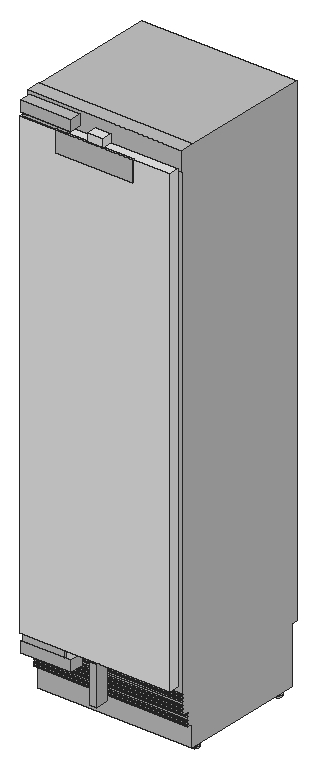
Revit family "FP_Revit_18_RS2484SLHK1_Fridge_90001060A", category Specialty Equipment, Revit 2018
Family settings
  Round Connector Dimension = Use Diameter
  Part Type = Normal
  OmniClass Number = 23.40.40.11.11
  OmniClass Title = Refrigerators and Freezers
  Work Plane-Based = No
  Always vertical = Yes
  Cut with Voids When Loaded = Yes
  Shared = No
  Room Calculation Point = No
Parameters (values of type "RS2484SLK1")
  Visibility - Water Connection = no
  Visibility - Visibility Control Note = yes
  Visibility - Clearance Required = yes
  URL = "www.fisherpaykel.com"
  Stainless Steel Door Panels (RD2484L4D) = no
  Product - Width = 603 mm  # constant formula
  Product - Height = 2134 mm  # constant formula
  Product - Depth (exl front panel) = 610 mm  # constant formula
  Model = "RS2484SLK1"
  Material - Handle = Fisher & Paykel - Aluminium
  Material - Door Structure = Fisher & Paykel - White
  Material - Door Front = Fisher & Paykel - Stainless Steel
  Material - Body = Fisher & Paykel - Grey
  Manufacturer = "Fisher & Paykel Appliances"
  Handle Style - Professional Square (AHV2-RD84) = no
  Handle Style - Professional Round (AHC-RD84) = no
  Handle Style - Contemporary Square (AHD3-RD84) = no
  Handle Style - Contemporary Round (AHS-RD84) = no
  Description = "24\" Integrated Column Refrigerator, stainless steel interior"
  Connector Description - Water = "Water Supply not required"
  Connector Description - Electrical = "120 V, 10 amp fused electrical supply"
  Cavity - Width = 610 mm  # constant formula
  Cavity - Height = 2134 mm  # constant formula
  Cavity - Depth = 635 mm  # constant formula
Types (4, lengths in mm): name | Visibility - Water Connection | Model | Description | Connector Description - Water
  (no name) | no | "RS2484SLK1" | "24\" Integrated Column Refrigerator, stainless steel interior" | "Water Supply not required"
  RS2484SLK1 | no | "RS2484SLK1" | "24\" Integrated Column Refrigerator, stainless steel interior" | "Water Supply not required"
  RS2484SLHK1 | yes | "RS2484SLHK1" | "24\" Integrated Column Refrigerator with internal water, stainless steel interior" | "1/4\" (6mm) comp. stainless steel braided hose"
  RS2484SL1 | no | "RS2484SL1" | "24\" Integrated Column Refrigerator with white interior" | "Water Supply not required"
Reference planes
  plane 1 "Datum": y = 0
  plane 2: z = 0
  plane 3 "Center (Left/Right)": x = 0
  plane 4 "Product LHS": x = -301.5
  plane 5 "Product RHS": x = 301.5
  plane 6 "Product - Depth": y = 610
  plane 7 "Cavity LHS": x = -305
  plane 8 "Cavity RHS": x = 305
  plane 9 "Cavity - Depth": y = 612.9
  plane 10 "Handle Offset": x = 238.5
  plane 11 "Product Height": z = 2134
  plane 12 "Cavity Height": z = 2134
  plane 13 "Door Panel Datum": y = -4.1
Forms (mm)
  Extrusion 1, solid, material "Fisher & Paykel - Grey" <- "Material - Body", detail levels fine
    sketch origin (0, 0, 0) x (0, 1, 0) y (0, 0, 1)
      loop
        line (100.1, 19.1) -> (587.9, 19.1) -> (587.9, 239.7) -> (610, 239.7) -> (610, 2131.9) -> (105.1, 2131.9) -> (105.1, 2134) -> (49.9, 2134) -> (49.9, 2059) -> (56, 2059) -> (56, 228.6) -> (59.5, 228.6) -> (59.5, 219.7) -> (56.5, 219.7) -> (56.5, 215.9) -> (59.5, 215.9) -> (59.5, 207) -> (56.5, 207) -> (56.5, 203.2) -> (59.5, 203.2) -> (59.5, 194.3) -> (56.5, 194.3) -> (56.5, 190.5) -> (59.5, 190.5) -> (59.5, 181.6) -> (56.5, 181.6) -> (56.5, 177.8) -> (59.5, 177.8) -> (59.5, 168.9) -> (56.5, 168.9) -> (56.5, 165.1) -> (59.5, 165.1) -> (59.5, 156.2) -> (56.5, 156.2) -> (56.5, 152.4) -> (84.1, 152.4) -> (84.1, 143.5) -> (81.1, 143.5) -> (81.1, 139.7) -> (84.1, 139.7) -> (84.1, 130.8) -> (81.1, 130.8) -> (81.1, 127) -> (84.1, 127) -> (84.1, 118.1) -> (81.1, 118.1) -> (81.1, 114.3) -> (84.1, 114.3) -> (84.1, 105.4) -> (81.1, 105.4) -> (81.1, 101.6) -> (100.1, 101.6) -> (100.1, 19.1)
    from -301.5 to 301.5
  Extrusion 2, solid, material "Fisher & Paykel - Grey" <- "Material - Body"
    sketch origin (0, 0, 0) x (1, 0, 0) y (0, 1, 0)
      loop
        circle (-281, 547.8) r 4.1
      loop
        circle (-281, 141.8) r 4.1
      loop
        circle (281, 547.8) r 4.1
      loop
        circle (281, 141.8) r 4.1
    from 3 to 19.1
  Extrusion 3, solid, material "Fisher & Paykel - Grey" <- "Material - Body"
    sketch origin (0, 0, 0) x (1, 0, 0) y (0, 1, 0)
      loop
        circle (-281, 547.8) r 14.5
      loop
        circle (-281, 141.8) r 14.555
      loop
        circle (281, 547.8) r 14.5
      loop
        circle (281, 141.8) r 14.555
    from 0 to 3
  Extrusion 4, solid, material "Fisher & Paykel - Grey" <- "Material - Body", detail levels fine
    sketch origin (0, 0, 0) x (1, 0, 0) y (0, 1, 0)
      loop
        line (-7.5, 49) -> (-13.797, -4.1) -> (13.797, -4.1) -> (7.5, 49) -> (-7.5, 49)
    from 104.2 to 254.2
  Extrusion 5, solid, material "Fisher & Paykel - Grey" <- "Material - Body", detail levels fine
    sketch origin (0, 0, 0) x (0, 1, 0) y (0, 0, 1)
      loop
        line (0, 2070.6) -> (0, 1988.6) -> (2, 1988.6) -> (2, 2068.6) -> (4, 2068.6) -> (4, 2070.6) -> (0, 2070.6)
    from -150 to 150
  Extrusion 6, solid, material "Fisher & Paykel - Grey" <- "Material - Body"
    sketch origin (0, 0, 0) x (1, 0, 0) y (0, 0, 1)
      loop
        circle (226.5, 119.813) r 5
      loop
        circle (-226.5, 119.813) r 5
    from -590 to -587.9
  Extrusion 7, solid, material "Fisher & Paykel - White" <- "Material - Door Structure"
    sketch origin (0, 0, 0) x (1, 0, 0) y (0, 1, 0)
      loop
        line (-276.5, 56) -> (-276.5, 42) -> (276.5, 42) -> (276.5, 56) -> (-276.5, 56)
    from 269.6 to 2030.7
  Extrusion 8, solid, material "Fisher & Paykel - White" <- "Material - Door Structure"
    sketch origin (0, 0, 0) x (1, 0, 0) y (0, 1, 0)
      loop
        line (-292.9, 42) -> (-292.9, 3) -> (292.9, 3) -> (292.9, 42) -> (-292.9, 42)
    from 254.2 to 2068.6
  Extrusion 9, solid, material "Fisher & Paykel - White" <- "Material - Door Structure", detail levels fine
    sketch origin (0, 0, 0) x (1, 0, 0) y (0, 0, 1)
      loop
        line (-29.5, 2100.1) -> (-29.5, 2068.6) -> (29.5, 2068.6) -> (29.5, 2100.1) -> (-29.5, 2100.1)
    from -42 to -3
  Extrusion 10, solid, material "Fisher & Paykel - Stainless Steel" <- "Material - Door Front", visible <- "Stainless Steel Door Panels (RD2484L4D)"
    sketch origin (0, 0, 0) x (0, 1, 0) y (0, 0, 1)
      loop
        line (-22.1, 2130.8) -> (-22.1, 102) -> (-4.1, 102) -> (-4.1, 2130.8) -> (-22.1, 2130.8)
    from -301.5 to 301.5
  Extrusion 11, solid, material "Fisher & Paykel - Grey" <- "Material - Body", detail levels coarse+medium
    sketch origin (0, 0, 0) x (0, 1, 0) y (0, 0, 1)
      loop
        line (49.9, 2134) -> (49.9, 2059) -> (56, 2059) -> (56, 152.4) -> (81.1, 152.4) -> (81.1, 101.6) -> (100.1, 101.6) -> (100.1, 19.1) -> (587.9, 19.1) -> (587.9, 239.7) -> (610, 239.7) -> (610, 2134) -> (49.9, 2134)
    from -301.5 to 301.5
  Extrusion 12, solid, material "Fisher & Paykel - Grey" <- "Material - Body", detail levels fine
    sketch origin (0, 0, 0) x (-1, 0, 0) y (0, 0, -1)
      loop
        line (289.9, -187.65) -> (95.42, -187.65) -> (95.42, -229.75) -> (289.9, -229.75) -> (289.9, -187.65)
    from -56 to -2.5
  Extrusion 13, solid, material "Fisher & Paykel - Grey" <- "Material - Body", detail levels fine
    sketch origin (0, 0, 0) x (-1, 0, 0) y (0, 0, -1)
      loop
        line (289.9, -2123.15) -> (289.9, -2081.05) -> (95.42, -2081.05) -> (95.42, -2123.15) -> (289.9, -2123.15)
    from -49 to -2.5
  Extrusion 14, solid, material "Fisher & Paykel - Grey" <- "Material - Body", detail levels fine
    sketch origin (0, 0, -4) x (0, 1, 0) y (0, 0, 1)
      loop
        arc (163.888, 23.1) -> (180.4, 13.63) -> (196.912, 23.1) r 19.13
        line (196.912, 23.1) -> (163.888, 23.1)
      loop
        arc (493.888, 23.1) -> (510.4, 13.63) -> (526.912, 23.1) r 19.13
        line (526.912, 23.1) -> (493.888, 23.1)
    from 191 to 219
  Extrusion 15, solid, material "Fisher & Paykel - Grey" <- "Material - Body", detail levels fine
    sketch origin (0, 0, -4) x (0, 1, 0) y (0, 0, -1)
      loop
        line (163.888, -23.1) -> (196.912, -23.1)
        arc (196.912, -23.1) -> (180.4, -13.63) -> (163.888, -23.1) r 19.13
      loop
        line (493.888, -23.1) -> (526.912, -23.1)
        arc (526.912, -23.1) -> (510.4, -13.63) -> (493.888, -23.1) r 19.13
    from 191 to 219
  Extrusion 16, solid, material "Fisher & Paykel - Clearance Required", visible <- "Visibility - Clearance Required", detail levels coarse
    sketch origin (0, 0, 0) x (1, 0, 0) y (0, 1, 0)
      loop
        line (-305, 612.9) -> (-305, -4.1) -> (305, -4.1) -> (305, 612.9) -> (-305, 612.9)
    from 0 to 2134
  Extrusion 17, void
    sketch origin (0, 0, 0) x (1, 0, 0) y (0, 1, 0)
      loop
        line (-305, 612.9) -> (-305, -22.1) -> (305, -22.1) -> (305, 612.9) -> (-305, 612.9)
    from 0 to 2134
  Extrusion 18, solid, material "Fisher & Paykel - Clearance Required", visible <- "Visibility - Clearance Required", detail levels coarse
    sketch origin (0, 0, 0) x (-1, 0, 0) y (0, -1, 0)
      loop
        line (-301.5, 22.1) -> (301.5, 22.1)
        arc (301.5, 22.1) -> (310.616, 38.605) -> (329.441, 39.678) r 19.5
        line (329.441, 39.678) -> (550.259, 513.225) -> (574.757, 501.802)
        arc (574.757, 501.802) -> (598.013, 510.267) -> (589.549, 533.523) r 17.5
        line (589.549, 533.523) -> (565.051, 544.946) -> (584.28, 586.183)
        arc (584.28, 586.183) -> (-13.376, 547.171) -> (-301.5, 22.1) r 622.5
    from 0 to 2134
  Extrusion 19, solid, material "Fisher & Paykel - Grey" <- "Material - Body", detail levels fine
    sketch origin (0, 0, 0) x (-1, 0, 0) y (0, 0, -1)
      loop
        line (118.4, -254.2) -> (282.9, -254.2) -> (282.9, -229.75) -> (118.4, -229.75) -> (118.4, -254.2)
      loop
        line (106, -2081.05) -> (242.9, -2081.05) -> (282.9, -2076.05) -> (282.9, -2068.6) -> (106, -2068.6) -> (106, -2081.05)
    from -7 to -4
Lines and regions (mm)
  model lines, style "Fisher & Paykel"
    curve 1: line (-301.5, -4.1, 2130.8) -> (301.5, -4.1, 2130.8)
    curve 2: line (-301.5, -4.1, 102) -> (-301.5, -4.1, 2130.8)
    curve 3: line (301.5, -4.1, 102) -> (-301.5, -4.1, 102)
    curve 4: line (301.5, -4.1, 2130.8) -> (301.5, -4.1, 102)
Text (mm)
  text "Due to ongoing product development, product details are subject to change without notice. \nPlease always refer to www.fisherpaykel.com for the most current product information. \n© Fisher & Paykel 2020" at (41.04, -678.295, 0), in view "Ref. Level (Plan)"
Dimensions and locks
  equal spacing: plane 4 "Product LHS", plane 3 "Center (Left/Right)", plane 5 "Product RHS"
  "Product - Width": plane 4 "Product LHS" to plane 5 "Product RHS"
  "Product - Depth (exl front panel)": plane 1 "Datum" to plane 6 "Product - Depth"
  equal spacing: plane 7 "Cavity LHS", plane 3 "Center (Left/Right)", plane 8 "Cavity RHS"
  "Cavity - Width": plane 7 "Cavity LHS" to plane 8 "Cavity RHS"
  plane 4 "Product LHS" to Extrusion 2 sketch curve = 24.6 mm
  plane 4 "Product LHS" to plane 10 "Handle Offset" = 540 mm
  Extrusion 6 sketch curve to Extrusion 1 = 119.887 mm  (x2)
  Extrusion 6 sketch curve to plane 5 "Product RHS" = 75 mm
  plane 4 "Product LHS" to Extrusion 6 sketch curve = 75 mm
  Extrusion 1 sketch curve to Extrusion 1 sketch curve = 82.5 mm
  Extrusion 1 sketch curve to Extrusion 1 sketch curve = 209.5 mm
  Extrusion 3 to level = 3 mm
  Extrusion 11 to Extrusion 8 = 235.1 mm
  Extrusion 11 to Extrusion 7 = 250.5 mm
  Extrusion 11 to Extrusion 11 = 2114.9 mm
  Extrusion 11 to Extrusion 10 = 82.9 mm
  "Product - Height": level to plane 11 "Product Height"
  plane 11 "Product Height" to Extrusion 10 = 3.2 mm
  Extrusion 8 to plane 11 "Product Height" = 65.4 mm
  Extrusion 7 to plane 11 "Product Height" = 103.3 mm
  Extrusion 11 sketch curve to plane 11 "Product Height" = 75 mm
  Extrusion 1 sketch curve to plane 11 "Product Height" = 2.1 mm
  Extrusion 1 sketch curve to plane 11 "Product Height" = 75 mm
  "Cavity - Height": plane 12 "Cavity Height" to level
  plane 1 "Datum" to Extrusion 16 = 612.9 mm
  plane 1 "Datum" to Extrusion 17 = 612.9 mm
  Extrusion 19 sketch curve to Extrusion 19 sketch curve = 40 mm
  Extrusion 19 sketch curve to Extrusion 19 sketch curve = 176.9 mm
  plane 3 "Center (Left/Right)" to Extrusion 19 sketch curve = 106 mm
  plane 3 "Center (Left/Right)" to Extrusion 19 sketch curve = 118.4 mm
  plane 1 "Datum" to Extrusion 18 = 22.1 mm
  "Cavity - Depth": plane 9 "Cavity - Depth" to Extrusion 18
  plane 10 "Handle Offset" to plane 5 "Product RHS" = 63 mm
  radius of Extrusion 6 sketch curve = 5 mm
  aligned and locked: level to plane 2
  aligned and locked: Extrusion 10 to plane 5 "Product RHS"
  aligned and locked: plane 4 "Product LHS" to Extrusion 10
  aligned and locked: Extrusion 11 to plane 5 "Product RHS"
  aligned and locked: Extrusion 11 to plane 4 "Product LHS"
  aligned and locked: Extrusion 11 sketch curve to plane 11 "Product Height"
  aligned and locked: plane 11 "Product Height" to Extrusion 1 sketch curve
  aligned and locked: Extrusion 14 sketch curve to Extrusion 14 sketch curve
  aligned and locked: Extrusion 15 sketch curve to Extrusion 15 sketch curve
  aligned and locked: Extrusion 1 to plane 5 "Product RHS"
  aligned and locked: plane 4 "Product LHS" to Extrusion 1
  aligned and locked: Extrusion 2 to Extrusion 1
  aligned and locked: nested 5 to plane 10 "Handle Offset"
  aligned and locked: nested 4 to plane 10 "Handle Offset"
  aligned and locked: nested 3 to plane 10 "Handle Offset"
  aligned and locked: nested 2 to plane 10 "Handle Offset"
Automatic sketch dimensions
  Extrusion 2 sketch curve to plane 4 "Product LHS" = 20.5 mm  (x2)
  plane 5 "Product RHS" to Extrusion 2 sketch curve = 20.5 mm  (x2)
  Extrusion 2 sketch curve to plane 1 "Datum" = 141.8 mm  (x2)
  Extrusion 2 sketch curve to plane 6 "Product - Depth" = 62.2 mm  (x2)
  Extrusion 3 sketch curve to plane 4 "Product LHS" = 20.5 mm  (x2)
  plane 5 "Product RHS" to Extrusion 3 sketch curve = 20.5 mm  (x2)
  Extrusion 3 sketch curve to plane 1 "Datum" = 141.8 mm  (x2)
  Extrusion 3 sketch curve to plane 6 "Product - Depth" = 62.2 mm  (x2)
  plane 1 "Datum" to Extrusion 4 sketch curve = 4.1 mm
  Extrusion 4 sketch curve to plane 3 "Center (Left/Right)" = 13.797 mm
  Extrusion 4 sketch curve to plane 3 "Center (Left/Right)" = 7.5 mm
  plane 3 "Center (Left/Right)" to Extrusion 4 sketch curve = 7.5 mm
  plane 3 "Center (Left/Right)" to Extrusion 4 sketch curve = 13.797 mm
  Extrusion 4 sketch curve to plane 1 "Datum" = 49 mm
  Extrusion 5 sketch curve to plane 1 "Datum" = 0 mm
  Extrusion 5 sketch curve to plane 1 "Datum" = 2 mm
  Extrusion 5 sketch curve to Extrusion 5 sketch curve = 2 mm  (x2)
  plane 11 "Product Height" to Extrusion 5 sketch curve = 145.4 mm
  plane 11 "Product Height" to Extrusion 5 sketch curve = 65.4 mm
  Extrusion 7 sketch curve to plane 4 "Product LHS" = 25 mm
  plane 5 "Product RHS" to Extrusion 7 sketch curve = 25 mm
  Extrusion 7 sketch curve to plane 1 "Datum" = 42 mm
  Extrusion 7 sketch curve to Extrusion 7 sketch curve = 14 mm
  Extrusion 8 sketch curve to plane 1 "Datum" = 3 mm
  Extrusion 8 sketch curve to plane 4 "Product LHS" = 8.6 mm
  plane 5 "Product RHS" to Extrusion 8 sketch curve = 8.6 mm
  Extrusion 8 sketch curve to Extrusion 8 sketch curve = 39 mm
  Extrusion 9 sketch curve to plane 3 "Center (Left/Right)" = 29.5 mm
  plane 3 "Center (Left/Right)" to Extrusion 9 sketch curve = 29.5 mm
  plane 11 "Product Height" to Extrusion 9 sketch curve = 65.4 mm
  Extrusion 9 sketch curve to Extrusion 9 sketch curve = 31.5 mm
  plane 1 "Datum" to Extrusion 10 sketch curve = 22.1 mm
  plane 1 "Datum" to Extrusion 10 sketch curve = 4.1 mm
  level to Extrusion 10 sketch curve = 102 mm
  plane 11 "Product Height" to Extrusion 10 sketch curve = 3.2 mm
  plane 3 "Center (Left/Right)" to Extrusion 12 sketch curve = 95.42 mm
  plane 4 "Product LHS" to Extrusion 12 sketch curve = 11.6 mm
  Extrusion 12 sketch curve to level = 187.65 mm
  Extrusion 12 sketch curve to Extrusion 12 sketch curve = 42.1 mm
  Extrusion 13 sketch curve to plane 11 "Product Height" = 10.85 mm
  plane 3 "Center (Left/Right)" to Extrusion 13 sketch curve = 95.42 mm
  plane 4 "Product LHS" to Extrusion 13 sketch curve = 11.6 mm
  Extrusion 13 sketch curve to Extrusion 13 sketch curve = 42.1 mm
  Extrusion 14 sketch curve to plane 1 "Datum" = 163.888 mm
  Extrusion 14 sketch curve to Extrusion 14 sketch curve = 16.512 mm  (x2)
  Extrusion 14 sketch curve to plane 6 "Product - Depth" = 116.112 mm
  Extrusion 14 sketch curve to Extrusion 14 sketch curve = 9.66 mm  (x2)
  Extrusion 15 sketch curve to plane 1 "Datum" = 163.888 mm
  Extrusion 15 sketch curve to Extrusion 15 sketch curve = 16.512 mm  (x2)
  Extrusion 15 sketch curve to plane 6 "Product - Depth" = 116.112 mm
  Extrusion 15 sketch curve to Extrusion 15 sketch curve = 9.66 mm  (x2)
  Extrusion 16 sketch curve to plane 7 "Cavity LHS" = 0 mm
  Extrusion 16 sketch curve to plane 8 "Cavity RHS" = 0 mm
  Extrusion 16 sketch curve to plane 9 "Cavity - Depth" = 0 mm
  plane 1 "Datum" to Extrusion 16 sketch curve = 4.1 mm
  Extrusion 17 sketch curve to plane 7 "Cavity LHS" = 0 mm
  Extrusion 17 sketch curve to plane 8 "Cavity RHS" = 0 mm
  plane 9 "Cavity - Depth" to Extrusion 17 sketch curve = 0 mm
  plane 1 "Datum" to Extrusion 17 sketch curve = 22.1 mm
  Extrusion 18 sketch curve to Extrusion 18 sketch curve = 0 mm  (x2)
  Extrusion 18 sketch curve to plane 5 "Product RHS" = 0 mm
  Extrusion 18 sketch curve to plane 4 "Product LHS" = 0 mm
  Extrusion 18 sketch curve to plane 7 "Cavity LHS" = 16 mm
  Extrusion 18 sketch curve to Extrusion 18 sketch curve = 8.441 mm
  Extrusion 18 sketch curve to plane 7 "Cavity LHS" = 245.259 mm
  Extrusion 18 sketch curve to Extrusion 18 sketch curve = 14.792 mm
  Extrusion 18 sketch curve to Extrusion 18 sketch curve = 24.498 mm
  Extrusion 18 sketch curve to Extrusion 18 sketch curve = 7.396 mm  (x2)
  Extrusion 18 sketch curve to Extrusion 18 sketch curve = 19.229 mm
  Extrusion 18 sketch curve to plane 1 "Datum" = 586.183 mm
  Extrusion 18 sketch curve to Extrusion 18 sketch curve = 41.237 mm
  Extrusion 18 sketch curve to Extrusion 18 sketch curve = 15.86 mm
  Extrusion 19 sketch curve to plane 11 "Product Height" = 52.95 mm
  plane 4 "Product LHS" to Extrusion 19 sketch curve = 18.6 mm
  Extrusion 19 sketch curve to Extrusion 19 sketch curve = 5 mm
  Extrusion 19 sketch curve to Extrusion 19 sketch curve = 12.45 mm
  Extrusion 19 sketch curve to level = 254.2 mm
  Extrusion 19 sketch curve to Extrusion 19 sketch curve = 24.45 mm
  Extrusion 11 sketch curve to plane 6 "Product - Depth" = 0 mm
  Extrusion 11 sketch curve to plane 6 "Product - Depth" = 22.1 mm
  Extrusion 11 sketch curve to plane 1 "Datum" = 100.1 mm
  Extrusion 11 sketch curve to Extrusion 11 sketch curve = 19 mm
  Extrusion 11 sketch curve to plane 1 "Datum" = 56 mm
  Extrusion 11 sketch curve to plane 1 "Datum" = 49.9 mm
  level to Extrusion 11 sketch curve = 152.4 mm
  Extrusion 11 sketch curve to Extrusion 11 sketch curve = 50.8 mm
  level to Extrusion 11 sketch curve = 19.1 mm
  Extrusion 11 sketch curve to Extrusion 11 sketch curve = 220.6 mm
  level to Extrusion 14 sketch curve = 19.1 mm
  level to Extrusion 15 sketch curve = 28.76 mm
  Extrusion 1 sketch curve to plane 6 "Product - Depth" = 0 mm
  Extrusion 1 sketch curve to Extrusion 1 sketch curve = 22.1 mm
  Extrusion 1 sketch curve to plane 1 "Datum" = 105.1 mm
  level to Extrusion 1 sketch curve = 19.1 mm
  Extrusion 1 sketch curve to plane 1 "Datum" = 100.1 mm
  Extrusion 1 sketch curve to Extrusion 1 sketch curve = 16 mm
  Extrusion 1 sketch curve to Extrusion 1 sketch curve = 0 mm  (x8)
  Extrusion 1 sketch curve to Extrusion 1 sketch curve = 3 mm  (x10)
  Extrusion 1 sketch curve to plane 1 "Datum" = 59.5 mm
  Extrusion 1 sketch curve to plane 1 "Datum" = 56 mm
  Extrusion 1 sketch curve to plane 1 "Datum" = 49.9 mm
  Extrusion 1 sketch curve to Extrusion 1 sketch curve = 3.8 mm  (x10)
  Extrusion 1 sketch curve to Extrusion 1 sketch curve = 8.9 mm  (x9)
  Extrusion 1 sketch curve to Extrusion 1 sketch curve = 220.6 mm
  plane 5 "Product RHS" to curve 1 = 0 mm
  plane 4 "Product LHS" to curve 3 = 0 mm
  level to curve 3 = 102 mm
  plane 11 "Product Height" to curve 2 = 3.2 mm
  radius of Extrusion 2 sketch curve = 4.1 mm  (x3)
  radius of Extrusion 3 sketch curve = 14.5 mm  (x2)
  radius of Extrusion 3 sketch curve = 14.555 mm  (x2)
  radius of Extrusion 6 sketch curve = 5 mm
Nested families
  nested 1: "Visibility Control Note 18" at (0, 0, 0), visible <- "Visibility - Visibility Control Note", type "Visibility Control Note 18"
  nested 2: "Handle Contemporary Round - Vertical" at (238.5, -22.1, 1242.58), visible <- "Handle Style - Contemporary Round (AHS-RD84)", type "AHS-RD84 - Contemporary round handle (Vertical) 852mm"
  nested 3: "Handle Contemporary Square - Vertical" at (238.5, -22.1, 1242.58), visible <- "Handle Style - Contemporary Square (AHD3-RD84)", type "AHD3-RD84 - Contemporary square handle (Vertical) 852mm"
  nested 4: "Handle Professional Round - Vertical" at (238.5, -22.1, 1242.58), visible <- "Handle Style - Professional Round (AHC-RD84)", type "AHC-RD84 - Professional round handle (Vertical) 786mm"
  nested 5: "Handle Professional Square - Vertical" at (238.5, -22.1, 1242.58), visible <- "Handle Style - Professional Square (AHV2-RD84)", type "AHV2-RD84 - Professional square handle (Vertical) 792mm"
Connectors
  electrical at (-226.5, 590, 119.813), driven by "Connector Description - Electrical"
    settings: on Extrusion 6, index 1, voltage 120 V, apparent load 0 VA, apparent load phase1 0 VA, apparent load phase2 0 VA, apparent load phase3 0 VA, power factor 1, load classification "Other", number of poles 1, system type 30, power factor state 1, is connector primary yes, connector utility no, sub classification motor no, connector description "120 V, 10 amp fused electrical supply"
  piping at (226.5, 590, 119.813), diameter 12.7, driven by "Visibility - Water Connection", driven by "Connector Description - Water"
    settings: on Extrusion 6, index 2, connector inside diameter 609.6 mm, connector length 0 mm, flow factor 0, pipe flow 0.0 L/s, pressure drop 0.0 Pa, fitting loss kfactor 0, connector angle 0.00°, fixture units 0, engagement length 0 mm, angle of deflection 0.00°, flow configuration 0, flow direction 1, fitting loss method 0, system type 20, joint type 0, gender type 0, connector reference index -1, connector utility 0, adjustable connector no, is connector primary yes, connector description "Water Supply not required"
Definition of nested family "Handle Contemporary Round - Vertical"
  Parameters (values of type "AHSRS80A - Contemporary round handle (1 of 2) (Vertical) 727mm")
    URL = "www.fisherpaykel.com"
    Material - Handle = none
    Manufacturer = "Fisher & Paykel Appliances"
    Handle - Length = 727 mm
  Types (6, lengths in mm): name | Handle - Length
    AHS-RD21 - Contemporary round handle (Vertical) 852mm | 852
    AHSRD2484W - Contemporary round handle (1 of 2) (Vertical) 727mm | 727
    AHSRD3084W - Contemporary round handle (1 of 2) (Vertical) 727mm | 727
    AHS-RD84 - Contemporary round handle (Vertical) 852mm | 852
    AHSRS3272A - Contemporary round handle (1 of 2) (Vertical) 727mm | 727
    AHSRS80A - Contemporary round handle (1 of 2) (Vertical) 727mm | 727
  Reference planes
    plane 1 "Center (Front/Back)": y = 0
    plane 2: z = 0
    plane 3 "Center (Left/Right)": x = 0
    plane 4 "Top": z = 363.5
    plane 5 "Bottom": z = -363.5
    plane 6 "Top Standoff": z = 243.5
    plane 7 "Bottom Standoff": z = -243.5
  Forms (mm)
    Extrusion 1, solid, material <- "Material - Handle"
      sketch origin (0, 0, 0) x (1, 0, 0) y (0, 1, 0)
        loop
          circle (0, -32.3) r 8.7
      from -243.5 to 243.5
    Extrusion 2, solid, material <- "Material - Handle", detail levels fine
      sketch origin (0, 0, 0) x (1, 0, 0) y (0, 1, 0)
        loop
          line (-8.7, 0) -> (-8.7, -32.3)
          arc (-8.7, -32.3) -> (0, -41) -> (8.7, -32.3) r 8.7
          line (8.7, -32.3) -> (8.7, 0) -> (-8.7, 0)
      from 243.5 to 363.5
    Extrusion 3, solid, material <- "Material - Handle", detail levels fine
      sketch origin (0, 0, 0) x (1, 0, 0) y (0, 1, 0)
        loop
          line (-8.7, 0) -> (-8.7, -32.3)
          arc (-8.7, -32.3) -> (0, -41) -> (8.7, -32.3) r 8.7
          line (8.7, -32.3) -> (8.7, 0) -> (-8.7, 0)
      from -363.5 to -243.5
    Sweep 4, void
      path in 3D
        loop
          line (8.7, 0, -363.5) -> (8.7, -32.3, -363.5)
          arc (8.7, -32.3, -363.5) -> (0, -41, -363.5) -> (-8.7, -32.3, -363.5) r 8.7
          line (-8.7, -32.3, -363.5) -> (-8.7, 0, -363.5)
      profile origin (8.7, -16.15, -363.5) x (-1, 0, 0) y (0, 0, -1)
        loop
          line (0, 0) -> (0, -1) -> (1, 0) -> (0, 0)
    Sweep 5, void
      path in 3D
        loop
          line (-8.7, 0, 363.5) -> (-8.7, -32.3, 363.5)
          arc (-8.7, -32.3, 363.5) -> (0, -41, 363.5) -> (8.7, -32.3, 363.5) r 8.7
          line (8.7, -32.3, 363.5) -> (8.7, 0, 363.5)
      profile origin (8.7, -16.15, 363.5) x (-1, 0, 0) y (0, 0, 1)
        loop
          line (0, 0) -> (0, -1) -> (1, 0) -> (0, 0)
    Extrusion 6, solid, material <- "Material - Handle", detail levels coarse+medium
      sketch origin (0, 0, 0) x (1, 0, 0) y (0, 1, 0)
        loop
          line (-8.7, 0) -> (-8.7, -32.3)
          arc (-8.7, -32.3) -> (0, -41) -> (8.7, -32.3) r 8.7
          line (8.7, -32.3) -> (8.7, 0) -> (-8.7, 0)
      from 243.5 to 363.5
    Extrusion 7, solid, material <- "Material - Handle", detail levels coarse+medium
      sketch origin (0, 0, 0) x (1, 0, 0) y (0, 1, 0)
        loop
          line (-8.7, 0) -> (-8.7, -32.3)
          arc (-8.7, -32.3) -> (0, -41) -> (8.7, -32.3) r 8.7
          line (8.7, -32.3) -> (8.7, 0) -> (-8.7, 0)
      from -363.5 to -243.5
  Cuts and joins
    Sweep 4 cuts Extrusion 3
    Sweep 5 cuts Extrusion 2
  Lines and regions (mm)
    sketch lines
      curve 1: line (8.7, 0, -363.5) -> (8.7, -32.3, -363.5)
      curve 2: arc (-8.7, -32.3, -363.5) -> (0, -41, -363.5) -> (8.7, -32.3, -363.5) r 8.7
      curve 3: line (-8.7, -32.3, -363.5) -> (-8.7, 0, -363.5)
      curve 4: line (8.7, -32.3, 363.5) -> (8.7, 0, 363.5)
      curve 5: arc (8.7, -32.3, 363.5) -> (0, -41, 363.5) -> (-8.7, -32.3, 363.5) r 8.7
      curve 6: line (-8.7, 0, 363.5) -> (-8.7, -32.3, 363.5)
  Dimensions and locks
    equal spacing: plane 4 "Top", level, plane 5 "Bottom"
    "Handle - Length": plane 4 "Top" to plane 5 "Bottom"
    locked: plane 4 "Top" to plane 6 "Top Standoff" at 120
    locked: plane 7 "Bottom Standoff" to plane 5 "Bottom" at 120
    Extrusion 2 sketch curve to Extrusion 2 sketch curve = 17.4 mm
    Extrusion 3 sketch curve to Extrusion 3 sketch curve = 17.4 mm
    Extrusion 6 sketch curve to Extrusion 6 sketch curve = 17.4 mm
    Extrusion 7 sketch curve to Extrusion 7 sketch curve = 17.4 mm
    aligned and locked: level to plane 2
    aligned and locked: plane 4 "Top" to Extrusion 2
    aligned and locked: Extrusion 3 to plane 5 "Bottom"
    aligned and locked: plane 7 "Bottom Standoff" to Extrusion 3
    aligned and locked: Extrusion 1 to plane 7 "Bottom Standoff"
    aligned and locked: plane 6 "Top Standoff" to Extrusion 1
    aligned and locked: Extrusion 2 to Extrusion 1
    aligned and locked: Extrusion 6 to Extrusion 1
    aligned and locked: plane 4 "Top" to Extrusion 6
    aligned and locked: Extrusion 7 to Extrusion 1
    aligned and locked: Extrusion 7 to plane 5 "Bottom"
  Automatic sketch dimensions
    Extrusion 1 sketch curve to plane 3 "Center (Left/Right)" = 0 mm
    plane 1 "Center (Front/Back)" to Extrusion 1 sketch curve = 32.3 mm
    plane 1 "Center (Front/Back)" to Extrusion 2 sketch curve = 0 mm
    Extrusion 2 sketch curve to plane 3 "Center (Left/Right)" = 0 mm
    Extrusion 2 sketch curve to plane 3 "Center (Left/Right)" = 8.7 mm
    plane 1 "Center (Front/Back)" to Extrusion 2 sketch curve = 32.3 mm
    plane 1 "Center (Front/Back)" to Extrusion 3 sketch curve = 0 mm
    Extrusion 3 sketch curve to plane 3 "Center (Left/Right)" = 0 mm
    Extrusion 3 sketch curve to plane 3 "Center (Left/Right)" = 8.7 mm
    plane 1 "Center (Front/Back)" to Extrusion 3 sketch curve = 32.3 mm
    Sweep 4 sketch curve to profile plane = 0 mm  (x2)
    Sweep 4 sketch curve to profile plane = 1 mm  (x2)
    Sweep 5 sketch curve to profile plane = 0 mm  (x2)
    Sweep 5 sketch curve to profile plane = 1 mm  (x2)
    Extrusion 6 sketch curve to plane 3 "Center (Left/Right)" = 0 mm
    Extrusion 6 sketch curve to plane 3 "Center (Left/Right)" = 8.7 mm
    plane 1 "Center (Front/Back)" to Extrusion 6 sketch curve = 32.3 mm
    Extrusion 6 sketch curve to Extrusion 6 sketch curve = 32.3 mm
    Extrusion 7 sketch curve to plane 3 "Center (Left/Right)" = 0 mm
    Extrusion 7 sketch curve to plane 3 "Center (Left/Right)" = 8.7 mm
    plane 1 "Center (Front/Back)" to Extrusion 7 sketch curve = 32.3 mm
    Extrusion 7 sketch curve to Extrusion 7 sketch curve = 32.3 mm
    radius of Extrusion 1 sketch curve = 8.7 mm
Definition of nested family "Handle Contemporary Square - Vertical"
  Parameters (values of type "AHD3RS80A - Contemporary square handle (1 of 2) (Vertical) 727mm")
    URL = "www.fisherpaykel.com"
    Material - Handle = none
    Manufacturer = "Fisher & Paykel Appliances"
    Handle - Length = 727 mm
  Types (7, lengths in mm): name | Handle - Length
    (no name) | 727
    AHD3-RD21 - Contemporary square handle (Vertical) 852mm | 852
    AHD3RD2484W - Contemporary square handle (1 of 2) (Vertical) 727mm | 727
    AHD3RD3084W - Contemporary square handle (1 of 2) (Vertical) 727mm | 727
    AHD3-RD84 - Contemporary square handle (Vertical) 852mm | 852
    AHD3RS3272A - Contemporary square handle (1 of 2) (Vertical) 727mm | 727
    AHD3RS80A - Contemporary square handle (1 of 2) (Vertical) 727mm | 727
  Reference planes
    plane 1 "Center (Front/Back)": y = 0
    plane 2: z = 0
    plane 3 "Center (Left/Right)": x = 0
    plane 4 "Top": z = 363.5
    plane 5 "Bottom": z = -363.5
    plane 6 "Top Standoff": z = 243.5
    plane 7 "Bottom Standoff": z = -243.5
  Forms (mm)
    Extrusion 1, solid, material <- "Material - Handle", detail levels fine
      sketch origin (0, 0, 0) x (1, 0, 0) y (0, 1, 0)
        loop
          arc (-7.583, -28.701) -> (-7.89, -29.057) -> (-8, -29.514) r 1
          line (-8, -29.514) -> (-8, -40.5)
          arc (-8, -40.5) -> (-7.561, -41.561) -> (-6.5, -42) r 1.5
          line (-6.5, -42) -> (6.5, -42)
          arc (6.5, -42) -> (7.561, -41.561) -> (8, -40.5) r 1.5
          line (8, -40.5) -> (8, -29.487)
          arc (8, -29.487) -> (7.889, -29.029) -> (7.58, -28.673) r 1
          arc (7.58, -28.673) -> (-0.006, -26.256) -> (-7.583, -28.701) r 13.038
      from -363.5 to 363.5
    Extrusion 2, solid, material <- "Material - Handle", detail levels fine
      sketch origin (0, 0, 0) x (1, 0, 0) y (0, 1, 0)
        loop
          arc (7.058, -28.23) -> (7.466, -28.244) -> (7.674, -27.893) r 0.4
          line (7.674, -27.893) -> (7.674, 0) -> (-7.674, 0) -> (-7.674, -27.86)
          arc (-7.674, -27.86) -> (-7.467, -28.21) -> (-7.06, -28.198) r 0.4
          arc (-7.06, -28.198) -> (0.004, -26.156) -> (7.058, -28.23) r 13.136
      from 243.5 to 363.5
    Extrusion 3, solid, material <- "Material - Handle", detail levels fine
      sketch origin (0, 0, 0) x (1, 0, 0) y (0, 1, 0)
        loop
          arc (7.058, -28.23) -> (7.466, -28.244) -> (7.674, -27.893) r 0.4
          line (7.674, -27.893) -> (7.674, 0) -> (-7.674, 0) -> (-7.674, -27.86)
          arc (-7.674, -27.86) -> (-7.467, -28.21) -> (-7.06, -28.198) r 0.4
          arc (-7.06, -28.198) -> (0.004, -26.156) -> (7.058, -28.23) r 13.136
      from -363.5 to -243.5
    Sweep 4, void
      path in 3D
        loop
          line (-8, -29.514, 363.5) -> (-8, -40.5, 363.5)
          arc (-8, -40.5, 363.5) -> (-7.561, -41.561, 363.5) -> (-6.5, -42, 363.5) r 1.5
          line (-6.5, -42, 363.5) -> (6.5, -42, 363.5)
          arc (6.5, -42, 363.5) -> (7.561, -41.561, 363.5) -> (8, -40.5, 363.5) r 1.5
          line (8, -40.5, 363.5) -> (8, -29.487, 363.5)
      profile origin (8, -34.994, 363.5) x (-1, 0, 0) y (0, 0, 1)
        loop
          line (0, 0) -> (0, -1.3) -> (1.3, 0) -> (0, 0)
    Sweep 5, void
      path in 3D
        loop
          line (8, -29.487, -363.5) -> (8, -40.5, -363.5)
          arc (8, -40.5, -363.5) -> (7.561, -41.561, -363.5) -> (6.5, -42, -363.5) r 1.5
          line (6.5, -42, -363.5) -> (-6.5, -42, -363.5)
          arc (-6.5, -42, -363.5) -> (-7.561, -41.561, -363.5) -> (-8, -40.5, -363.5) r 1.5
          line (-8, -40.5, -363.5) -> (-8, -29.514, -363.5)
      profile origin (8, -34.994, -363.5) x (-1, 0, 0) y (0, 0, -1)
        loop
          line (0, 0) -> (0, -1.3) -> (1.3, 0) -> (0, 0)
    Extrusion 6, void
      sketch origin (0, 0, 0) x (1, 0, 0) y (0, 0, 1)
        loop
          line (-8, -362.2) -> (-8, -363.5) -> (-6.7, -363.5) -> (-8, -362.2)
        loop
          line (8, -362.2) -> (6.7, -363.5) -> (8, -363.5) -> (8, -362.2)
      from 0 to 40
    Extrusion 7, void
      sketch origin (0, 0, 0) x (1, 0, 0) y (0, 0, 1)
        loop
          line (-8, 363.5) -> (-8, 362.2) -> (-6.7, 363.5) -> (-8, 363.5)
        loop
          line (8, 363.5) -> (6.7, 363.5) -> (8, 362.2) -> (8, 363.5)
      from 0 to 40
    Extrusion 8, solid, material <- "Material - Handle", detail levels coarse+medium
      sketch origin (0, 0, 0) x (0, 1, 0) y (0, 0, 1)
        loop
          line (0, 363.5) -> (-42, 363.5) -> (-42, -363.5) -> (0, -363.5) -> (0, -243.5) -> (-26.245, -243.5) -> (-26.245, 243.5) -> (0, 243.5) -> (0, 363.5)
      from -8 to 8
  Cuts and joins
    Sweep 4, Sweep 5, Extrusion 6, Extrusion 7 cuts Extrusion 1
    Extrusion 6 cuts Extrusion 3
    Extrusion 7 cuts Extrusion 2
  Lines and regions (mm)
    sketch lines
      curve 1: line (8, -40.5, 363.5) -> (8, -29.487, 363.5)
      curve 2: arc (8, -40.5, 363.5) -> (7.561, -41.561, 363.5) -> (6.5, -42, 363.5) r 1.5
      curve 3: line (-6.5, -42, 363.5) -> (6.5, -42, 363.5)
      curve 4: arc (-6.5, -42, 363.5) -> (-7.561, -41.561, 363.5) -> (-8, -40.5, 363.5) r 1.5
      curve 5: line (-8, -29.514, 363.5) -> (-8, -40.5, 363.5)
      curve 6: line (8, -29.487, -363.5) -> (8, -40.5, -363.5)
      curve 7: arc (6.5, -42, -363.5) -> (7.561, -41.561, -363.5) -> (8, -40.5, -363.5) r 1.5
      curve 8: line (6.5, -42, -363.5) -> (-6.5, -42, -363.5)
      curve 9: arc (-8, -40.5, -363.5) -> (-7.561, -41.561, -363.5) -> (-6.5, -42, -363.5) r 1.5
      curve 10: line (-8, -40.5, -363.5) -> (-8, -29.514, -363.5)
  Dimensions and locks
    equal spacing: plane 4 "Top", level, plane 5 "Bottom"
    "Handle - Length": plane 4 "Top" to plane 5 "Bottom"
    locked: plane 4 "Top" to plane 6 "Top Standoff" at 120
    locked: plane 7 "Bottom Standoff" to plane 5 "Bottom" at 120
    aligned and locked: level to plane 2
    aligned and locked: plane 4 "Top" to Extrusion 2
    aligned and locked: Extrusion 2 to plane 6 "Top Standoff"
    aligned and locked: plane 4 "Top" to Extrusion 1
    aligned and locked: Extrusion 1 to plane 5 "Bottom"
    aligned and locked: Extrusion 3 to plane 5 "Bottom"
    aligned and locked: plane 7 "Bottom Standoff" to Extrusion 3
    aligned and locked: plane 4 "Top" to Extrusion 8 sketch curve
    aligned and locked: plane 6 "Top Standoff" to Extrusion 8 sketch curve
    aligned and locked: plane 7 "Bottom Standoff" to Extrusion 8 sketch curve
    aligned and locked: plane 5 "Bottom" to Extrusion 8 sketch curve
    aligned and locked: plane 1 "Center (Front/Back)" to Extrusion 8 sketch curve  (x2)
  Automatic sketch dimensions
    Extrusion 1 sketch curve to plane 3 "Center (Left/Right)" = 8 mm
    Extrusion 1 sketch curve to Extrusion 1 sketch curve = 1 mm  (x2)
    Extrusion 1 sketch curve to Extrusion 1 sketch curve = 1.5 mm
    plane 3 "Center (Left/Right)" to Extrusion 1 sketch curve = 0.018 mm
    plane 3 "Center (Left/Right)" to Extrusion 1 sketch curve = 6.5 mm
    plane 3 "Center (Left/Right)" to Extrusion 1 sketch curve = 7 mm
    plane 1 "Center (Front/Back)" to Extrusion 1 sketch curve = 42 mm
    Extrusion 1 sketch curve to Extrusion 1 sketch curve = 1.206 mm
    Extrusion 1 sketch curve to Extrusion 1 sketch curve = 10.986 mm
    Extrusion 1 sketch curve to Extrusion 1 sketch curve = 11.013 mm
    Extrusion 1 sketch curve to Extrusion 1 sketch curve = 0 mm
    plane 1 "Center (Front/Back)" to Extrusion 2 sketch curve = 0 mm
    Extrusion 2 sketch curve to plane 3 "Center (Left/Right)" = 7.674 mm
    Extrusion 2 sketch curve to Extrusion 2 sketch curve = 0.4 mm  (x2)
    Extrusion 2 sketch curve to plane 3 "Center (Left/Right)" = 0.026 mm
    plane 3 "Center (Left/Right)" to Extrusion 2 sketch curve = 7.274 mm
    plane 1 "Center (Front/Back)" to Extrusion 2 sketch curve = 27.86 mm
    Extrusion 2 sketch curve to Extrusion 2 sketch curve = 0.033 mm
    Extrusion 2 sketch curve to Extrusion 2 sketch curve = 11.398 mm
    Extrusion 2 sketch curve to Extrusion 2 sketch curve = 0 mm
    plane 1 "Center (Front/Back)" to Extrusion 3 sketch curve = 0 mm
    Extrusion 3 sketch curve to Extrusion 3 sketch curve = 0.4 mm  (x2)
    Extrusion 3 sketch curve to Extrusion 3 sketch curve = 7.248 mm
    Extrusion 3 sketch curve to Extrusion 3 sketch curve = 7.3 mm
    plane 1 "Center (Front/Back)" to Extrusion 3 sketch curve = 27.86 mm
    Extrusion 3 sketch curve to Extrusion 3 sketch curve = 0.033 mm
    Extrusion 3 sketch curve to Extrusion 3 sketch curve = 11.398 mm
    Extrusion 3 sketch curve to Extrusion 3 sketch curve = 0 mm
    Sweep 4 sketch curve to profile plane = 0 mm  (x2)
    Sweep 4 sketch curve to profile plane = 1.3 mm  (x2)
    Sweep 5 sketch curve to profile plane = 0 mm  (x2)
    Sweep 5 sketch curve to profile plane = 1.3 mm  (x2)
    Extrusion 6 sketch curve to plane 5 "Bottom" = 0 mm  (x2)
    plane 5 "Bottom" to Extrusion 6 sketch curve = 1.3 mm  (x2)
    Extrusion 6 sketch curve to plane 3 "Center (Left/Right)" = 8 mm
    Extrusion 6 sketch curve to Extrusion 6 sketch curve = 1.3 mm  (x2)
    plane 3 "Center (Left/Right)" to Extrusion 6 sketch curve = 8 mm
    Extrusion 7 sketch curve to plane 4 "Top" = 0 mm  (x2)
    Extrusion 7 sketch curve to plane 3 "Center (Left/Right)" = 8 mm
    Extrusion 7 sketch curve to Extrusion 7 sketch curve = 1.3 mm  (x2)
    plane 3 "Center (Left/Right)" to Extrusion 7 sketch curve = 8 mm
    Extrusion 7 sketch curve to plane 4 "Top" = 1.3 mm  (x2)
    plane 1 "Center (Front/Back)" to Extrusion 8 sketch curve = 26.245 mm
    plane 1 "Center (Front/Back)" to Extrusion 8 sketch curve = 42 mm
    Extrusion 3 sketch curve to plane 3 "Center (Left/Right)" = 7.674 mm
Definition of nested family "Handle Professional Round - Vertical"
  Parameters (values of type "AHCRD2484W - Professional round handle (1 of 2) (Vertical) 661mm")
    URL = "www.fisherpaykel.com"
    Material - Standoff = none
    Material - Handle = none
    Manufacturer = "Fisher & Paykel Appliances"
    Handle - Length = 661 mm
  Types (5, lengths in mm): name | Handle - Length
    (no name) | 661
    AHCRD2484W - Professional round handle (1 of 2) (Vertical) 661mm | 661
    AHCRD3084W - Professional round handle (1 of 2) (Vertical) 661mm | 661
    AHC-RD84 - Professional round handle (Vertical) 786mm | 786
    AHCRS3272A - Professional round handle (1 of 2) (Vertical) 661mm | 661
  Reference planes
    plane 1 "Center (Front/Back)": y = 0
    plane 2: z = 0
    plane 3 "Center (Left/Right)": x = 0
    plane 4 "Top": z = 330.5
    plane 5 "Bottom": z = -330.5
    plane 6 "Top Standoff": z = 286.5
    plane 7 "Bottom Standoff": z = -286.5
  Forms (mm)
    Extrusion 1, solid, material <- "Material - Standoff", detail levels fine
      sketch origin (0, 0, 0) x (1, 0, 0) y (0, 1, 0)
        loop
          line (-18.5, 0) -> (-18.5, -39.4)
          arc (-18.5, -39.4) -> (0, -57.9) -> (18.5, -39.4) r 18.5
          line (18.5, -39.4) -> (18.5, 0) -> (-18.5, 0)
      from 286.5 to 330.5
    Extrusion 2, solid, material <- "Material - Standoff", detail levels fine
      sketch origin (0, 0, 0) x (1, 0, 0) y (0, 1, 0)
        loop
          line (-18.5, 0) -> (-18.5, -39.4)
          arc (-18.5, -39.4) -> (0, -57.9) -> (18.5, -39.4) r 18.5
          line (18.5, -39.4) -> (18.5, 0) -> (-18.5, 0)
      from -330.5 to -286.5
    Extrusion 3, solid, material <- "Material - Handle"
      sketch origin (0, 0, 0) x (1, 0, 0) y (0, 1, 0)
        loop
          circle (0, -39.4) r 12.7
      from -286.5 to 286.5
    Sweep 4, void
      path in 3D
        loop
          line (-18.5, 0, 330.5) -> (-18.5, -39.4, 330.5)
          arc (-18.5, -39.4, 330.5) -> (0, -57.9, 330.5) -> (18.5, -39.4, 330.5) r 18.5
          line (18.5, -39.4, 330.5) -> (18.5, 0, 330.5)
      profile origin (18.5, -19.7, 330.5) x (-1, 0, 0) y (0, 0, 1)
        loop
          line (0, 0) -> (0, -3) -> (3, 0) -> (0, 0)
    Sweep 5, void
      path in 3D
        loop
          line (18.5, 0, -330.5) -> (18.5, -39.4, -330.5)
          arc (18.5, -39.4, -330.5) -> (0, -57.9, -330.5) -> (-18.5, -39.4, -330.5) r 18.5
          line (-18.5, -39.4, -330.5) -> (-18.5, 0, -330.5)
      profile origin (18.5, -19.7, -330.5) x (-1, 0, 0) y (0, 0, -1)
        loop
          line (0, 0) -> (0, -3) -> (3, 0) -> (0, 0)
    Extrusion 6, solid, material <- "Material - Standoff", detail levels coarse+medium
      sketch origin (0, 0, 0) x (1, 0, 0) y (0, 1, 0)
        loop
          line (-18.5, 0) -> (-18.5, -39.4)
          arc (-18.5, -39.4) -> (0, -57.9) -> (18.5, -39.4) r 18.5
          line (18.5, -39.4) -> (18.5, 0) -> (-18.5, 0)
      from 286.5 to 330.5
    Extrusion 7, solid, material <- "Material - Standoff", detail levels coarse+medium
      sketch origin (0, 0, 0) x (1, 0, 0) y (0, 1, 0)
        loop
          line (-18.5, 0) -> (-18.5, -39.4)
          arc (-18.5, -39.4) -> (0, -57.9) -> (18.5, -39.4) r 18.5
          line (18.5, -39.4) -> (18.5, 0) -> (-18.5, 0)
      from -330.5 to -286.5
  Cuts and joins
    Sweep 4 cuts Extrusion 1
    Sweep 5 cuts Extrusion 2
  Lines and regions (mm)
    sketch lines
      curve 1: line (18.5, -39.4, 330.5) -> (18.5, 0, 330.5)
      curve 2: arc (18.5, -39.4, 330.5) -> (0, -57.9, 330.5) -> (-18.5, -39.4, 330.5) r 18.5
      curve 3: line (-18.5, 0, 330.5) -> (-18.5, -39.4, 330.5)
      curve 4: line (18.5, 0, -330.5) -> (18.5, -39.4, -330.5)
      curve 5: arc (-18.5, -39.4, -330.5) -> (0, -57.9, -330.5) -> (18.5, -39.4, -330.5) r 18.5
      curve 6: line (-18.5, -39.4, -330.5) -> (-18.5, 0, -330.5)
  Dimensions and locks
    equal spacing: plane 4 "Top", level, plane 5 "Bottom"
    "Handle - Length": plane 4 "Top" to plane 5 "Bottom"
    plane 4 "Top" to plane 6 "Top Standoff" = 44 mm
    plane 7 "Bottom Standoff" to plane 5 "Bottom" = 44 mm
    aligned and locked: level to plane 2
    aligned and locked: plane 4 "Top" to Extrusion 1
    aligned and locked: Extrusion 1 to plane 6 "Top Standoff"
    aligned and locked: Extrusion 2 to plane 5 "Bottom"
    aligned and locked: plane 7 "Bottom Standoff" to Extrusion 2
    aligned and locked: plane 6 "Top Standoff" to Extrusion 3
    aligned and locked: Extrusion 3 to plane 7 "Bottom Standoff"
    aligned and locked: plane 4 "Top" to Extrusion 6
    aligned and locked: Extrusion 7 to plane 5 "Bottom"
    aligned and locked: plane 7 "Bottom Standoff" to Extrusion 7
    aligned and locked: Extrusion 6 to plane 6 "Top Standoff"
  Automatic sketch dimensions
    plane 1 "Center (Front/Back)" to Extrusion 1 sketch curve = 0 mm
    Extrusion 1 sketch curve to plane 3 "Center (Left/Right)" = 0 mm
    Extrusion 1 sketch curve to plane 3 "Center (Left/Right)" = 18.5 mm
    plane 1 "Center (Front/Back)" to Extrusion 1 sketch curve = 39.4 mm
    plane 1 "Center (Front/Back)" to Extrusion 2 sketch curve = 0 mm
    Extrusion 2 sketch curve to plane 3 "Center (Left/Right)" = 0 mm
    Extrusion 2 sketch curve to plane 3 "Center (Left/Right)" = 18.5 mm
    plane 1 "Center (Front/Back)" to Extrusion 2 sketch curve = 39.4 mm
    Extrusion 3 sketch curve to plane 3 "Center (Left/Right)" = 0 mm
    plane 1 "Center (Front/Back)" to Extrusion 3 sketch curve = 39.4 mm
    Sweep 4 sketch curve to profile plane = 0 mm  (x2)
    Sweep 4 sketch curve to profile plane = 3 mm  (x2)
    Sweep 5 sketch curve to profile plane = 0 mm  (x2)
    Sweep 5 sketch curve to profile plane = 3 mm  (x2)
    Extrusion 6 sketch curve to plane 3 "Center (Left/Right)" = 0 mm
    Extrusion 6 sketch curve to plane 3 "Center (Left/Right)" = 18.5 mm
    plane 1 "Center (Front/Back)" to Extrusion 6 sketch curve = 39.4 mm
    Extrusion 6 sketch curve to Extrusion 6 sketch curve = 39.4 mm
    Extrusion 7 sketch curve to plane 3 "Center (Left/Right)" = 0 mm
    Extrusion 7 sketch curve to plane 3 "Center (Left/Right)" = 18.5 mm
    plane 1 "Center (Front/Back)" to Extrusion 7 sketch curve = 39.4 mm
    Extrusion 7 sketch curve to Extrusion 7 sketch curve = 39.4 mm
    radius of Extrusion 3 sketch curve = 12.7 mm
Definition of nested family "Handle Professional Square - Vertical"
  Parameters (values of type "AHV2RS3272A - Professional square handle (1 of 2) (Vertical) 727mm")
    URL = "www.fisherpaykel.com"
    Material - Handle = none
    Manufacturer = "Fisher & Paykel Appliances"
    Handle - Length = 727 mm
  Types (5, lengths in mm): name | Handle - Length
    (no name) | 727
    AHV2RD2484W - Professional square handle (1 of 2) (Vertical) 727mm | 727
    AHV2RD3084W - Professional square handle (1 of 2) (Vertical) 727mm | 727
    AHV2-RD84 - Professional square handle (Vertical) 792mm | 792
    AHV2RS3272A - Professional square handle (1 of 2) (Vertical) 727mm | 727
  Reference planes
    plane 1 "Center (Front/Back)": y = 0
    plane 2: z = 0
    plane 3 "Center (Left/Right)": x = 0
    plane 4 "Top": z = 363.5
    plane 5 "Bottom": z = -363.5
    plane 6 "Top Standoff": z = 313.5
    plane 7 "Bottom Standoff": z = -313.5
  Forms (mm)
    Extrusion 1, solid, material <- "Material - Handle", detail levels fine
      sketch origin (0, 0, 0) x (0, 1, 0) y (0, 0, 1)
        loop
          line (0, 363.5) -> (-40, 363.5)
          arc (-40, 363.5) -> (-47.071, 360.571) -> (-50, 353.5) r 10
          line (-50, 353.5) -> (-50, 313.5) -> (0, 313.5) -> (0, 363.5)
        loop
          line (0, -363.5) -> (0, -313.5) -> (-50, -313.5) -> (-50, -353.5)
          arc (-50, -353.5) -> (-47.071, -360.571) -> (-40, -363.5) r 10
          line (-40, -363.5) -> (0, -363.5)
      from -17.5 to 17.5
    Sweep 2, void
      path in 3D
        loop
          line (17.5, 0, 363.5) -> (17.5, -40, 363.5)
          arc (17.5, -40, 363.5) -> (17.5, -47.071, 360.571) -> (17.5, -50, 353.5) r 10
          line (17.5, -50, 353.5) -> (17.5, -50, 313.5)
      profile origin (17.5, -20, 363.5) x (1, 0, 0) y (0, 0, 1)
        loop
          line (0, 0) -> (-2.5, 0) -> (0, -2.5) -> (0, 0)
    Sweep 3, void
      path in 3D
        loop
          line (-17.5, -50, 313.5) -> (-17.5, -50, 353.5)
          arc (-17.5, -50, 353.5) -> (-17.5, -47.071, 360.571) -> (-17.5, -40, 363.5) r 10
          line (-17.5, -40, 363.5) -> (-17.5, 0, 363.5)
      profile origin (-17.5, -20, 363.5) x (-1, 0, 0) y (0, 0, 1)
        loop
          line (0, 0) -> (-2.5, 0) -> (0, -2.5) -> (0, 0)
    Sweep 4, void
      path in 3D
        loop
          line (17.5, -50, -313.5) -> (17.5, -50, -353.5)
          arc (17.5, -50, -353.5) -> (17.5, -47.071, -360.571) -> (17.5, -40, -363.5) r 10
          line (17.5, -40, -363.5) -> (17.5, 0, -363.5)
      profile origin (17.5, -20, -363.5) x (1, 0, 0) y (0, 0, -1)
        loop
          line (0, 0) -> (-2.5, 0) -> (0, -2.5) -> (0, 0)
    Sweep 5, void
      path in 3D
        loop
          line (-17.5, 0, -363.5) -> (-17.5, -40, -363.5)
          arc (-17.5, -40, -363.5) -> (-17.5, -47.071, -360.571) -> (-17.5, -50, -353.5) r 10
          line (-17.5, -50, -353.5) -> (-17.5, -50, -313.5)
      profile origin (-17.5, -20, -363.5) x (-1, 0, 0) y (0, 0, -1)
        loop
          line (0, 0) -> (-2.5, 0) -> (0, -2.5) -> (0, 0)
    Extrusion 6, solid, material <- "Material - Handle", detail levels fine
      sketch origin (0, 0, 0) x (1, 0, 0) y (0, 1, 0)
        loop
          line (-15.5, -36.737) -> (-15.5, -46.422) -> (-14.172, -47.75) -> (14.172, -47.75) -> (15.5, -46.422) -> (15.5, -36.737)
          arc (15.5, -36.737) -> (0, -32.25) -> (-15.5, -36.737) r 29.013
      from -313.5 to 313.5
    Extrusion 7, solid, material <- "Material - Handle", detail levels coarse+medium
      sketch origin (0, 0, 0) x (0, 1, 0) y (0, 0, 1)
        loop
          line (0, 363.5) -> (-40, 363.5)
          arc (-40, 363.5) -> (-47.071, 360.571) -> (-50, 353.5) r 10
          line (-50, 353.5) -> (-50, -353.5)
          arc (-50, -353.5) -> (-47.071, -360.571) -> (-40, -363.5) r 10
          line (-40, -363.5) -> (0, -363.5) -> (0, -313.5) -> (-31.95, -313.5) -> (-31.95, 313.5) -> (0, 313.5) -> (0, 363.5)
      from -17.5 to 17.5
  Cuts and joins
    Sweep 2, Sweep 3, Sweep 4, Sweep 5 cuts Extrusion 1
  Lines and regions (mm)
    sketch lines
      curve 1: line (17.5, 0, 363.5) -> (17.5, -40, 363.5)
      curve 2: arc (17.5, -50, 353.5) -> (17.5, -47.071, 360.571) -> (17.5, -40, 363.5) r 10
      curve 3: line (17.5, -50, 353.5) -> (17.5, -50, 313.5)
      curve 4: line (-17.5, -40, 363.5) -> (-17.5, 0, 363.5)
      curve 5: arc (-17.5, -40, 363.5) -> (-17.5, -47.071, 360.571) -> (-17.5, -50, 353.5) r 10
      curve 6: line (-17.5, -50, 313.5) -> (-17.5, -50, 353.5)
      curve 7: line (17.5, -40, -363.5) -> (17.5, 0, -363.5)
      curve 8: arc (17.5, -40, -363.5) -> (17.5, -47.071, -360.571) -> (17.5, -50, -353.5) r 10
      curve 9: line (17.5, -50, -313.5) -> (17.5, -50, -353.5)
      curve 10: line (-17.5, 0, -363.5) -> (-17.5, -40, -363.5)
      curve 11: arc (-17.5, -50, -353.5) -> (-17.5, -47.071, -360.571) -> (-17.5, -40, -363.5) r 10
      curve 12: line (-17.5, -50, -353.5) -> (-17.5, -50, -313.5)
  Dimensions and locks
    equal spacing: plane 4 "Top", level, plane 5 "Bottom"
    "Handle - Length": plane 4 "Top" to plane 5 "Bottom"
    plane 7 "Bottom Standoff" to plane 5 "Bottom" = 50 mm
    plane 4 "Top" to plane 6 "Top Standoff" = 50 mm
    aligned and locked: level to plane 2
    aligned and locked: plane 4 "Top" to Extrusion 1 sketch curve
    aligned and locked: plane 5 "Bottom" to Extrusion 1 sketch curve
    aligned and locked: Extrusion 1 sketch curve to plane 1 "Center (Front/Back)"
    aligned and locked: plane 1 "Center (Front/Back)" to Extrusion 1 sketch curve
    aligned and locked: plane 6 "Top Standoff" to Extrusion 1 sketch curve
    aligned and locked: plane 7 "Bottom Standoff" to Extrusion 1 sketch curve
    aligned and locked: plane 6 "Top Standoff" to Extrusion 6
    aligned and locked: Extrusion 6 to plane 7 "Bottom Standoff"
    aligned and locked: plane 4 "Top" to Extrusion 7 sketch curve
    aligned and locked: plane 6 "Top Standoff" to Extrusion 7 sketch curve
    aligned and locked: plane 1 "Center (Front/Back)" to Extrusion 7 sketch curve
    aligned and locked: plane 7 "Bottom Standoff" to Extrusion 7 sketch curve
    aligned and locked: plane 5 "Bottom" to Extrusion 7 sketch curve
    aligned and locked: Extrusion 7 sketch curve to plane 1 "Center (Front/Back)"
  Automatic sketch dimensions
    Sweep 2 sketch curve to profile plane = 0 mm
    profile plane to Sweep 2 sketch curve = 0 mm
    profile plane to Sweep 2 sketch curve = 2.5 mm
    Sweep 2 sketch curve to profile plane = 2.5 mm
    Sweep 3 sketch curve to profile plane = 0 mm  (x2)
    profile plane to Sweep 3 sketch curve = 2.5 mm
    Sweep 3 sketch curve to profile plane = 2.5 mm
    Sweep 4 sketch curve to profile plane = 0 mm
    profile plane to Sweep 4 sketch curve = 0 mm
    profile plane to Sweep 4 sketch curve = 2.5 mm
    Sweep 4 sketch curve to profile plane = 2.5 mm
    Sweep 5 sketch curve to profile plane = 0 mm  (x2)
    profile plane to Sweep 5 sketch curve = 2.5 mm
    Sweep 5 sketch curve to profile plane = 2.5 mm
    plane 1 "Center (Front/Back)" to Extrusion 1 sketch curve = 40 mm  (x2)
    Extrusion 1 sketch curve to Extrusion 1 sketch curve = 10 mm  (x2)
    Extrusion 6 sketch curve to plane 3 "Center (Left/Right)" = 0 mm
    Extrusion 6 sketch curve to Extrusion 6 sketch curve = 1.328 mm  (x4)
    plane 1 "Center (Front/Back)" to Extrusion 6 sketch curve = 61.263 mm
    Extrusion 6 sketch curve to Extrusion 6 sketch curve = 13.513 mm
    Extrusion 6 sketch curve to Extrusion 6 sketch curve = 9.684 mm  (x2)
    Extrusion 6 sketch curve to plane 3 "Center (Left/Right)" = 14.172 mm
    plane 1 "Center (Front/Back)" to Extrusion 7 sketch curve = 31.95 mm
    plane 1 "Center (Front/Back)" to Extrusion 7 sketch curve = 40 mm  (x2)
    Extrusion 7 sketch curve to plane 4 "Top" = 10 mm
Definition of nested family "Visibility Control Note 18"
  Types (3): name
    New
    Resolved
    Active
  Reference planes
    plane 1: y = 0
    plane 2: x = 0
  Text (mm)
    text "Edit Type: \nTo control handle kit \nand door panel visibility\n options\n\nDelete unwanted kits \nto reduce file size" at (-0.165, 35.556, 0)
